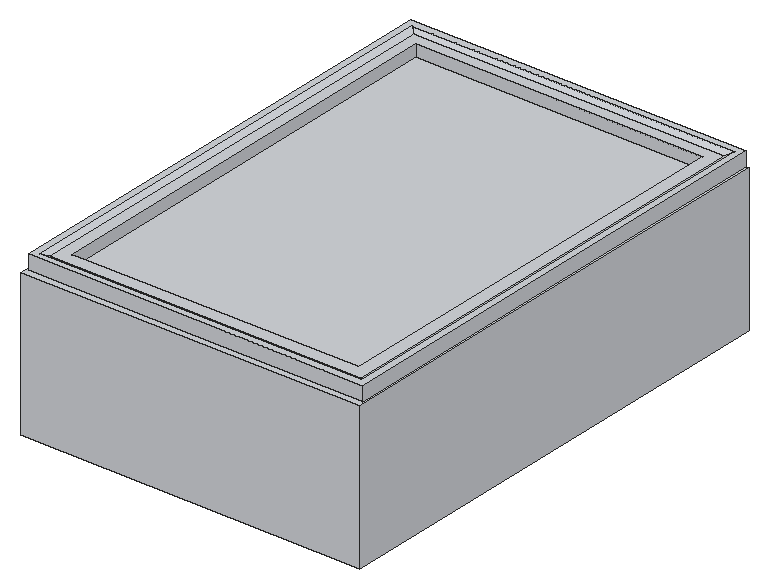
Revit family "M_Moldura-janela-interior-molde de tijolo-colonial", category Modelos genéricos, Revit 2019
Family settings
  Hospedeiro = Face
  Pode hospedar o vergalhão = Não
  Cota do conector redondo = Utilizar diâmetro
  Tipo de parte = Normal
  Corte com vazios quando carregada = Não
  Compartilhado = Sim
  Ponto de cálculo do ambiente = Não
Parameters (values of type "Padrão")
  Largura da apara = 50 mm
  Espessura da apara = 30 mm
  Material da apara [instance] = none
  Largura da abertura [instance] = 600 mm
  Altura da abertura [instance] = 900 mm
  Elevação-padrão = 1200 mm
Reference planes
  plane 1 "Centro (Frente/Trás)": y = 0
  plane 2: z = 0
  plane 3 "Centro (Esquerda/Direita)": x = 0
  plane 4: y = 50
  plane 5 "Esquerda": x = -300
  plane 6 "Direita": x = 300
  plane 7 "Inferior": y = -900
  plane 8: x = 350
  plane 9 "1": x = -350
  plane 10: z = 30
  plane 11: x = 362.7
  plane 12: x = -362.7
  plane 13: y = -450
  plane 14: z = 18.887
  plane 15: z = 24.444
  plane 16: x = -312.5
  plane 17: x = -325
  plane 18: x = -337.5
Forms (mm)
  Extrusion 1, solid
    sketch origin (0, 0, 0) x (1, 0, 0) y (0, 1, 0)
      loop
        line (-355.6, 50.8) -> (-355.6, -965.2) -> (355.6, -965.2) -> (355.6, 50.8) -> (-355.6, 50.8)
    from 0 to -304.8
  Sweep 2, solid, material <- "Material da apara"
    path origin (0, 0, 0) x (1, 0, 0) y (0, 1, 0)
      loop
        line (-300, 0) -> (-300, -900) -> (300, -900) -> (300, 0) -> (-300, 0)
    profile origin (-300, -450, 0) x (1, 0, 0) y (0, 0, 1)
      loop
        line (0, 0) -> (0, 24.444) -> (-25, 24.444) -> (-37.5, 30) -> (-50, 30) -> (-50, 0) -> (0, 0)
Dimensions and locks
  equal spacing: plane 5 "Esquerda", plane 3 "Centro (Esquerda/Direita)", plane 6 "Direita"
  "Largura da abertura": plane 5 "Esquerda" to plane 6 "Direita"
  "Altura da abertura": plane 7 "Inferior" to plane 1 "Centro (Frente/Trás)"
  "Largura da apara": plane 9 "1" to plane 5 "Esquerda"
  "Largura da apara": plane 6 "Direita" to plane 8
  "Largura da apara": plane 1 "Centro (Frente/Trás)" to plane 4
  plane 12 to plane 9 "1" = 12.7 mm
  locked: plane 8 to plane 11 at 12.7
  equal spacing: plane 7 "Inferior", plane 13, plane 1 "Centro (Frente/Trás)"
  "Espessura da apara": plane 10 to plane 2
  plane 14 to plane 10 = 11.113 mm
  equal spacing: plane 14, plane 15, plane 10
  equal spacing: plane 5 "Esquerda", plane 16, plane 17, plane 18, plane 9 "1"
  aligned and locked: plane 2 to Extrusion 1
  aligned and locked: level to Extrusion 1
  aligned and locked: Sweep 2 sketch curve to plane 5 "Esquerda"  (x2)
  aligned and locked: Sweep 2 sketch curve to plane 1 "Centro (Frente/Trás)"
  aligned and locked: Sweep 2 sketch curve to plane 6 "Direita"  (x2)
  aligned and locked: plane 7 "Inferior" to Sweep 2 sketch curve
  aligned and locked: plane 10 to Sweep 2 sketch curve
  aligned and locked: plane 9 "1" to Sweep 2 sketch curve  (x2)
  aligned and locked: plane 5 "Esquerda" to Sweep 2 sketch curve  (x2)
  aligned and locked: Sweep 2 sketch curve to plane 2
  aligned and locked: plane 17 to Sweep 2 sketch curve
  aligned and locked: Sweep 2 sketch curve to plane 15
  aligned and locked: Sweep 2 sketch curve to plane 10
  aligned and locked: plane 18 to Sweep 2 sketch curve
  aligned and locked: plane 15 to Sweep 2 sketch curve
  aligned and locked: Sweep 2 sketch curve to plane 7 "Inferior"
Automatic sketch dimensions
  Extrusion 1 sketch curve to Extrusion 1 sketch curve = 711.2 mm
  Extrusion 1 sketch curve to Extrusion 1 sketch curve = 1016 mm
